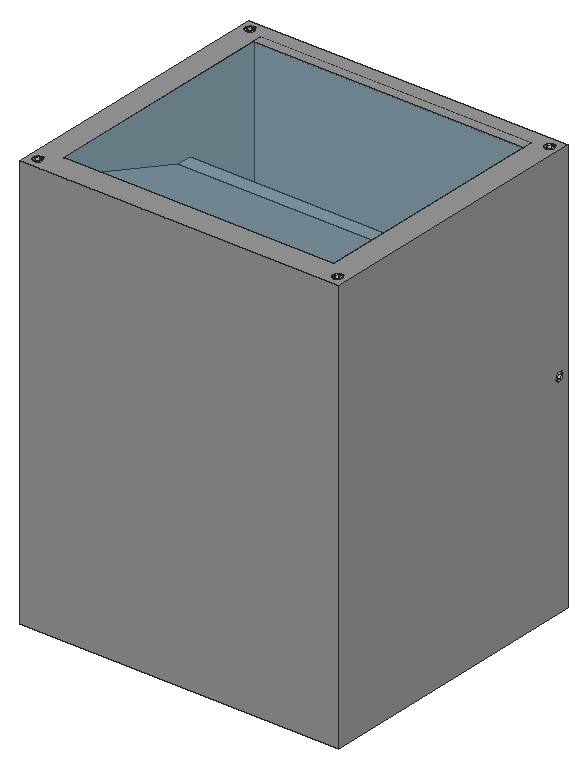
Revit family "LED CUBE 02_LK0238WW", category Luminarias, Revit 2019
Family settings
  Cota de conector redondo = Diámetro de uso
  Tipo de pieza = Normal
  Se basa en plano de trabajo = Sí
  Siempre vertical = No
  Corte con vacíos al cargar = No
  Origen de luz = Sí
  Compartido = No
  Punto de cálculo de habitación = No
Parameters (values of type "LED CUBE 02_LK0238WW")
  Ángulo de inclinación = 60.00°
  Zone [instance] = ""
  Watt per fixture = 8.8
  Wattage = 8.8 W
  built-in parameter 1150107 = 3000 (stored number, unit not read)
  built-in parameter 1150110 = 1 (stored number, unit not read)
  built-in parameter 1150109 = 1 (stored number, unit not read)
  built-in parameter 1150112 = 1 (stored number, unit not read)
  built-in parameter 1150113 = 1 (stored number, unit not read)
  built-in parameter 1114218 = 1 (stored number, unit not read)
  Keynote = ""
  built-in parameter 1150137 = (empty or 0)
  built-in parameter 1150132 = (empty or 0)
  Modelo = "LK0238WW"
  Lámpara = "NICHIA"
  built-in parameter 1150105 = 24.664 (stored number, unit not read)
  built-in parameter 1150102 = (empty or 0)
  built-in parameter 1150106 = 0.24664 (stored number, unit not read)
  Lumens = 309.936 lm
  Color Filter = 16777215
  built-in parameter 1114217 = 1 (stored number, unit not read)
  built-in parameter 1150139 = (empty or 0)
  Fabricante = "BRILLANT"
  Default Elevation = 0 mm
  built-in parameter 1150104 = 3.272 (stored number, unit not read)
  Descripción = "LUMINARIA DIRIGIBLE TIPO ARBOTANTE, DE MATERIAL EN ALUMINIO FUNDIDO A PRESION CUBIERTO CON POLVO GRIS OSCURO Y PC DE 6MM, CON UN PESO DE 1.7KG, CON 2 LED TIPO NICHIA Y UNA POTENCIA TOTAL DE 8.8W, 2X155 LUMENES, TEMPERATURA EN BLANCO CALIDO 3000K, IRC 80, IP 65, APERTURA DE 45 GRADOS, CORRIENTE DE OPERACIÓN 138mA, CABLE DE 0.3M, ALIMENTADO A 90-240VAC"
  built-in parameter 1150115 = 1 (stored number, unit not read)
  built-in parameter 1150114 = 1 (stored number, unit not read)
  Comentarios de vataje = "90-240V"
  built-in parameter 1150138 = (empty or 0)
  built-in parameter 1150134 = (empty or 0)
  Circuit [instance] = ""
  Dimming Lamp Color Temperature Shift = (empty or 0)
  Archivo de red fotométrica = "LK0238WW.IES"
  built-in parameter 1150133 = 10 (stored number, unit not read)
Reference planes
  plane 1 "Centro (Frontal/Posterior)": y = 0
  plane 2: z = 0
  plane 3 "Centro (Izquierda/Derecha)": x = 0
Forms (mm)
  Revolve 1, solid, material "Cristal", not visible
    sketch origin (-152, 0, 0) x (0, 1, 0) y (0, 0, -1)
      loop
        line (0, -8.749) -> (0, -7.25) -> (-1.499, -7.25)
        arc (-1.499, -7.25) -> (-1.06, -8.31) -> (0, -8.749) r 1.499
      axis (0, -7.25) -> (-1.499, -7.25)
    angle from 0 to 360
  Revolve 2, solid, material "Cristal", not visible
    sketch origin (-136, 0, 0) x (0, 1, 0) y (0, 0, -1)
      loop
        line (0, -8.749) -> (0, -7.25) -> (-1.499, -7.25)
        arc (-1.499, -7.25) -> (-1.06, -8.31) -> (0, -8.749) r 1.499
      axis (0, -7.25) -> (-1.499, -7.25)
    angle from 0 to 360
  Revolve 3, solid, material "Cristal", not visible
    sketch origin (-120, 0, 0) x (0, 1, 0) y (0, 0, -1)
      loop
        line (0, -8.749) -> (0, -7.25) -> (-1.499, -7.25)
        arc (-1.499, -7.25) -> (-1.06, -8.31) -> (0, -8.749) r 1.499
      axis (0, -7.25) -> (-1.499, -7.25)
    angle from 0 to 360
  Revolve 4, solid, material "Cristal", not visible
    sketch origin (-104, 0, 0) x (0, 1, 0) y (0, 0, -1)
      loop
        line (0, -8.749) -> (0, -7.25) -> (-1.499, -7.25)
        arc (-1.499, -7.25) -> (-1.06, -8.31) -> (0, -8.749) r 1.499
      axis (0, -7.25) -> (-1.499, -7.25)
    angle from 0 to 360
  Revolve 5, solid, material "Cristal", not visible
    sketch origin (-88, 0, 0) x (0, 1, 0) y (0, 0, -1)
      loop
        line (0, -8.749) -> (0, -7.25) -> (-1.499, -7.25)
        arc (-1.499, -7.25) -> (-1.06, -8.31) -> (0, -8.749) r 1.499
      axis (0, -7.25) -> (-1.499, -7.25)
    angle from 0 to 360
  Revolve 6, solid, material "Cristal", not visible
    sketch origin (-72, 0, 0) x (0, 1, 0) y (0, 0, -1)
      loop
        line (0, -8.749) -> (0, -7.25) -> (-1.499, -7.25)
        arc (-1.499, -7.25) -> (-1.06, -8.31) -> (0, -8.749) r 1.499
      axis (0, -7.25) -> (-1.499, -7.25)
    angle from 0 to 360
  Revolve 7, solid, material "Cristal", not visible
    sketch origin (-56, 0, 0) x (0, 1, 0) y (0, 0, -1)
      loop
        line (0, -8.749) -> (0, -7.25) -> (-1.499, -7.25)
        arc (-1.499, -7.25) -> (-1.06, -8.31) -> (0, -8.749) r 1.499
      axis (0, -7.25) -> (-1.499, -7.25)
    angle from 0 to 360
  Revolve 8, solid, material "Cristal", not visible
    sketch origin (-40, 0, 0) x (0, 1, 0) y (0, 0, -1)
      loop
        line (0, -8.749) -> (0, -7.25) -> (-1.499, -7.25)
        arc (-1.499, -7.25) -> (-1.06, -8.31) -> (0, -8.749) r 1.499
      axis (0, -7.25) -> (-1.499, -7.25)
    angle from 0 to 360
  Revolve 9, solid, material "Cristal", not visible
    sketch origin (-24, 0, 0) x (0, 1, 0) y (0, 0, -1)
      loop
        line (0, -8.749) -> (0, -7.25) -> (-1.499, -7.25)
        arc (-1.499, -7.25) -> (-1.06, -8.31) -> (0, -8.749) r 1.499
      axis (0, -7.25) -> (-1.499, -7.25)
    angle from 0 to 360
  Revolve 10, solid, material "Cristal", not visible
    sketch origin (-8, 0, 0) x (0, 1, 0) y (0, 0, -1)
      loop
        line (0, -8.749) -> (0, -7.25) -> (-1.499, -7.25)
        arc (-1.499, -7.25) -> (-1.06, -8.31) -> (0, -8.749) r 1.499
      axis (0, -7.25) -> (-1.499, -7.25)
    angle from 0 to 360
  Revolve 11, solid, material "Cristal", not visible
    sketch origin (8, 0, 0) x (0, 1, 0) y (0, 0, -1)
      loop
        line (0, -8.749) -> (0, -7.25) -> (-1.499, -7.25)
        arc (-1.499, -7.25) -> (-1.06, -8.31) -> (0, -8.749) r 1.499
      axis (0, -7.25) -> (-1.499, -7.25)
    angle from 0 to 360
  Revolve 12, solid, material "Cristal", not visible
    sketch origin (24, 0, 0) x (0, 1, 0) y (0, 0, -1)
      loop
        line (0, -8.749) -> (0, -7.25) -> (-1.499, -7.25)
        arc (-1.499, -7.25) -> (-1.06, -8.31) -> (0, -8.749) r 1.499
      axis (0, -7.25) -> (-1.499, -7.25)
    angle from 0 to 360
  Revolve 13, solid, material "Cristal", not visible
    sketch origin (40, 0, 0) x (0, 1, 0) y (0, 0, -1)
      loop
        line (0, -8.749) -> (0, -7.25) -> (-1.499, -7.25)
        arc (-1.499, -7.25) -> (-1.06, -8.31) -> (0, -8.749) r 1.499
      axis (0, -7.25) -> (-1.499, -7.25)
    angle from 0 to 360
  Revolve 14, solid, material "Cristal", not visible
    sketch origin (56, 0, 0) x (0, 1, 0) y (0, 0, -1)
      loop
        line (0, -8.749) -> (0, -7.25) -> (-1.499, -7.25)
        arc (-1.499, -7.25) -> (-1.06, -8.31) -> (0, -8.749) r 1.499
      axis (0, -7.25) -> (-1.499, -7.25)
    angle from 0 to 360
  Revolve 15, solid, material "Cristal", not visible
    sketch origin (72, 0, 0) x (0, 1, 0) y (0, 0, -1)
      loop
        line (0, -8.749) -> (0, -7.25) -> (-1.499, -7.25)
        arc (-1.499, -7.25) -> (-1.06, -8.31) -> (0, -8.749) r 1.499
      axis (0, -7.25) -> (-1.499, -7.25)
    angle from 0 to 360
  Revolve 16, solid, material "Cristal", not visible
    sketch origin (88, 0, 0) x (0, 1, 0) y (0, 0, -1)
      loop
        line (0, -8.749) -> (0, -7.25) -> (-1.499, -7.25)
        arc (-1.499, -7.25) -> (-1.06, -8.31) -> (0, -8.749) r 1.499
      axis (0, -7.25) -> (-1.499, -7.25)
    angle from 0 to 360
  Revolve 17, solid, material "Cristal", not visible
    sketch origin (104, 0, 0) x (0, 1, 0) y (0, 0, -1)
      loop
        line (0, -8.749) -> (0, -7.25) -> (-1.499, -7.25)
        arc (-1.499, -7.25) -> (-1.06, -8.31) -> (0, -8.749) r 1.499
      axis (0, -7.25) -> (-1.499, -7.25)
    angle from 0 to 360
  Revolve 18, solid, material "Cristal", not visible
    sketch origin (120, 0, 0) x (0, 1, 0) y (0, 0, -1)
      loop
        line (0, -8.749) -> (0, -7.25) -> (-1.499, -7.25)
        arc (-1.499, -7.25) -> (-1.06, -8.31) -> (0, -8.749) r 1.499
      axis (0, -7.25) -> (-1.499, -7.25)
    angle from 0 to 360
  Revolve 19, solid, material "Cristal", not visible
    sketch origin (136, 0, 0) x (0, 1, 0) y (0, 0, -1)
      loop
        line (0, -8.749) -> (0, -7.25) -> (-1.499, -7.25)
        arc (-1.499, -7.25) -> (-1.06, -8.31) -> (0, -8.749) r 1.499
      axis (0, -7.25) -> (-1.499, -7.25)
    angle from 0 to 360
  Revolve 20, solid, material "Cristal", not visible
    sketch origin (152, 0, 0) x (0, 1, 0) y (0, 0, -1)
      loop
        line (0, -8.749) -> (0, -7.25) -> (-1.499, -7.25)
        arc (-1.499, -7.25) -> (-1.06, -8.31) -> (0, -8.749) r 1.499
      axis (0, -7.25) -> (-1.499, -7.25)
    angle from 0 to 360
  Extrusion 21, solid, material "Acabado Blanco"
    sketch origin (0, 23.355, 0) x (1, 0, 0) y (0, 1, 0)
      loop
        line (-50, -23.355) -> (-50, -113.355) -> (50, -113.355) -> (50, -23.355) -> (-50, -23.355)
    from 0 to 130.208
  Extrusion 22, void
    sketch origin (0, 23.355, 0) x (1, 0, 0) y (0, 1, 0)
      loop
        line (-42.5, -31.071) -> (-42.5, -56.135) -> (42.5, -56.135) -> (42.5, -31.071) -> (-42.5, -31.071)
    from 0 to 130.208
  Extrusion 23, solid, material "Cristal"
    sketch origin (0, 0, -127.046) x (0, -1, 0) y (1, 0, 0)
      loop
        line (4.715, -42.5) -> (82.231, -42.5) -> (82.231, 42.5) -> (4.715, 42.5) -> (4.715, -42.5)
    from 127.046 to 130.208
  Extrusion 24, void
    sketch origin (0, 0, 0) x (1, 0, 0) y (0, 1, 0)
      loop
        circle (-47.069, -3.34) r 1.481
      loop
        circle (47.069, -3.34) r 1.481
      loop
        circle (-47.069, -86.66) r 1.481
      loop
        circle (47.069, -86.66) r 1.481
    from 129.011 to 130.208
  Extrusion 25, void
    sketch origin (0, 0, -129.011) x (0, -1, 0) y (1, 0, 0)
      loop
        circle (3.34, -47.069) r 1.481
      loop
        circle (3.34, 47.069) r 1.481
      loop
        circle (86.66, -47.069) r 1.481
      loop
        circle (86.66, 47.069) r 1.481
    from 129.011 to 130.208
  Extrusion 26, void
    sketch origin (0, 0, 0) x (0, 1, 0) y (0, 0, 1)
      loop
        circle (-3.34, 66.511) r 1.481
    from 47.98 to 50
  Extrusion 27, void
    sketch origin (0, 0, 0) x (0, 1, 0) y (0, 0, -1)
      loop
        circle (-3.34, -66.511) r 1.481
    from 47.98 to 50
  Extrusion 28, solid, material "Acero Inoxidable"
    sketch origin (0, 0, 0) x (0, 1, 0) y (0, 0, 1)
      loop
        circle (-3.34, 66.511) r 1.228
      loop
        line (-2.391, 66.511) -> (-2.866, 67.332) -> (-3.814, 67.332) -> (-4.289, 66.511) -> (-3.814, 65.689) -> (-2.866, 65.689) -> (-2.391, 66.511)
    from 47.98 to 50
  Extrusion 29, solid, material "Acero Inoxidable"
    sketch origin (0, 0, 0) x (0, 1, 0) y (0, 0, -1)
      loop
        circle (-3.34, -66.511) r 1.228
      loop
        line (-2.391, -66.511) -> (-2.866, -65.689) -> (-3.814, -65.689) -> (-4.289, -66.511) -> (-3.814, -67.332) -> (-2.866, -67.332) -> (-2.391, -66.511)
    from 47.98 to 50
  Extrusion 30, solid, material "Acero Inoxidable"
    sketch origin (0, 0, 0) x (1, 0, 0) y (0, 1, 0)
      loop
        circle (-47.069, -3.34) r 1.228
      loop
        line (-48.018, -3.34) -> (-47.544, -4.162) -> (-46.595, -4.162) -> (-46.121, -3.34) -> (-46.595, -2.519) -> (-47.544, -2.519) -> (-48.018, -3.34)
      loop
        circle (47.069, -3.34) r 1.228
      loop
        line (46.121, -3.34) -> (46.595, -4.162) -> (47.544, -4.162) -> (48.018, -3.34) -> (47.544, -2.519) -> (46.595, -2.519) -> (46.121, -3.34)
      loop
        circle (47.069, -86.66) r 1.228
      loop
        line (46.121, -86.66) -> (46.595, -87.481) -> (47.544, -87.481) -> (48.018, -86.66) -> (47.544, -85.838) -> (46.595, -85.838) -> (46.121, -86.66)
      loop
        circle (-47.069, -86.66) r 1.228
      loop
        line (-48.018, -86.66) -> (-47.544, -87.481) -> (-46.595, -87.481) -> (-46.121, -86.66) -> (-46.595, -85.838) -> (-47.544, -85.838) -> (-48.018, -86.66)
    from 0 to 1.197
  Extrusion 31, solid, material "Acero Inoxidable"
    sketch origin (0, 0, 130.058) x (0, -1, 0) y (1, 0, 0)
      loop
        circle (3.34, -47.069) r 1.228
      loop
        line (3.34, -48.018) -> (4.162, -47.544) -> (4.162, -46.595) -> (3.34, -46.121) -> (2.519, -46.595) -> (2.519, -47.544) -> (3.34, -48.018)
      loop
        circle (3.34, 47.069) r 1.228
      loop
        line (3.34, 46.121) -> (4.162, 46.595) -> (4.162, 47.544) -> (3.34, 48.018) -> (2.519, 47.544) -> (2.519, 46.595) -> (3.34, 46.121)
      loop
        circle (86.66, 47.069) r 1.228
      loop
        line (86.66, 46.121) -> (87.481, 46.595) -> (87.481, 47.544) -> (86.66, 48.018) -> (85.838, 47.544) -> (85.838, 46.595) -> (86.66, 46.121)
      loop
        circle (86.66, -47.069) r 1.228
      loop
        line (86.66, -48.018) -> (87.481, -47.544) -> (87.481, -46.595) -> (86.66, -46.121) -> (85.838, -46.595) -> (85.838, -47.544) -> (86.66, -48.018)
    from -1.048 to 0.149
  Extrusion 32, void
    sketch origin (0, 0, 0) x (0, 1, 0) y (0, 0, 1)
      loop
        line (-7.716, 130.208) -> (-82.231, 130.208) -> (-82.231, 125.208) -> (-37.32, 108.861) -> (-7.716, 108.861) -> (-7.716, 130.208)
    from -42.5 to 42.5
  Extrusion 33, void
    sketch origin (0, 0, 130.208) x (0, 1, 0) y (0, 0, 1)
      loop
        line (-7.716, -130.208) -> (-7.716, -108.861) -> (-37.32, -108.861) -> (-82.231, -125.208) -> (-82.231, -130.208) -> (-7.716, -130.208)
    from -42.5 to 42.5
  Extrusion 34, solid, material "Cristal"
    sketch origin (0, 0, 0) x (1, 0, 0) y (0, 1, 0)
      loop
        line (-42.5, -4.715) -> (-42.5, -82.231) -> (42.5, -82.231) -> (42.5, -4.715) -> (-42.5, -4.715)
    from 127.046 to 130.208
Cuts and joins
  Extrusion 22, Extrusion 24, Extrusion 25, Extrusion 26, Extrusion 27, Extrusion 32, Extrusion 33 cuts Extrusion 21
Dimensions and locks
  equal spacing: Extrusion 21 sketch curve, plane 3 "Centro (Izquierda/Derecha)", Extrusion 21 sketch curve
  Extrusion 21 sketch curve to plane 3 "Centro (Izquierda/Derecha)" = 50 mm
  Extrusion 21 sketch curve to Extrusion 21 sketch curve = 90 mm
  cut or joined group 1 (Extrusion 21, Extrusion 22, Extrusion 24, Extrusion 25, Extrusion 26, Extrusion 27, Extrusion 32, Extrusion 33) to cut or joined group 1 = 130.208 mm
  aligned and locked: level to plane 2
  aligned and locked: Extrusion 21 to Extrusion 22
  aligned and locked: Extrusion 21 to Extrusion 24
  aligned and locked: cut or joined group 1 to Extrusion 30
  aligned and locked: cut or joined group 1 to Extrusion 31  (x2)
  aligned and locked: Extrusion 32 to Extrusion 22  (x2)
Connectors
  electrical at (0, 0, 65.104)
    settings: on cut or joined group 1, index 1, voltage 240 V, apparent load 0 VA, apparent load phase1 0 VA, apparent load phase2 0 VA, apparent load phase3 0 VA, power factor 1, load classification "Otro", number of poles 1, system type 31, power factor state 1, is connector primary yes, connector utility no, sub classification motor no, connector description ""
